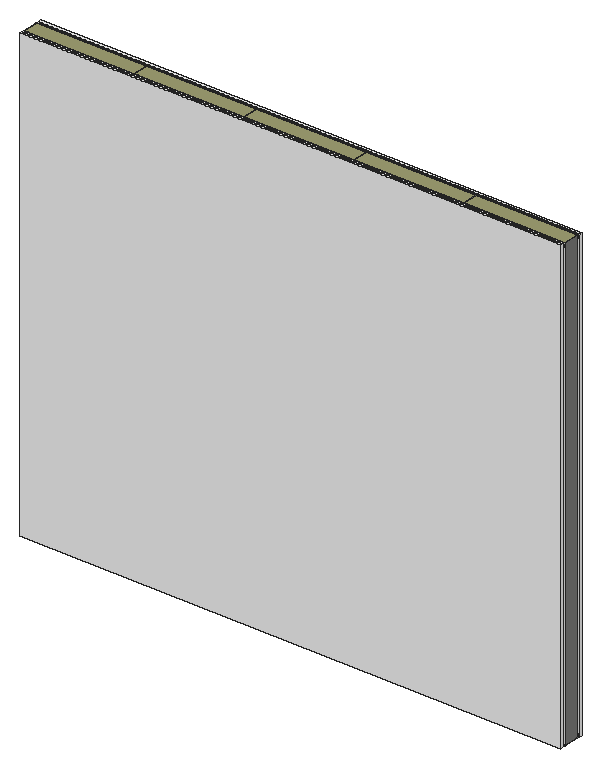
Revit family "NoiseBREAK (R2.7)", category Structural Stiffeners, Revit 2020
Family settings
  OmniClass Number = 23.25.30.11.27
  OmniClass Title = Vibration and Earthquake Controls
  Cut with Voids When Loaded = No
  Shared = No
Parameters (values of type "R2.7 - NoiseBREAK")
  URL = "www.ecowool.com.my"
  U-Value W/m2k = 0 mm
  U Value Report = ""
  Typical weight of ECOWOOL-Kg/M2 = 0 mm
  Type of Insulation = "Glass Mineral Wool Blanket with vapour barrier"
  Total System Thickness-mm = 90 mm
  Thermal R Value = 2.7
  Thermal K Value = 0.0327
  SubW [instance] = roundup([built-in parameter 1001306] / 609 mm) * 609 mm  # 3045 mm
  SubL [instance] = if([built-in parameter 1001306] > 1218 mm, No Insulation * 609 mm, if([built-in parameter 1001306] > 609 mm, 609 mm, if([built-in parameter 1001306] > 0 mm, 0 mm, No Insulation * 609 mm))) + 1 mm  # 2437 mm
  Remarks = ""
  No Metal Stud [instance] = ([built-in parameter 1001306] / [Metal Stud Spacer (mm)])  # 5
  No Insulation [instance] = roundup(SubW / 609 mm) - 1  # 4
  Model = "NoiseBREAK"
  Metal Stud Width = [Insulation Thickness (mm)]  # 90 mm
  Metal Stud Spacer (mm) = 609 mm
  Material Specification = ""
  Manufacturer = "PGF Insulation Sdn. Bhd."
  built-in parameter 1001306 [instance] = 3000 mm
  Insulation Length (mm) = 609 mm
  Insulation Thickness (mm) = 90 mm
  Installation and Workmanship- Same for all the system = ""
  Height Wall (mm) = 2500 mm
  Handling and Storage- Same for all system = ""
  Gypsum Thickness (mm) = 12.5 mm
  Finish = NoiseBREAK
  FAQ- Same for all System = ""
  ECOWOOL Product thickness in mm = "90mm x 32kg/m3"
  Description = "Ecowool NoiseBREAK is semi-rigid or rigid slabs of non-combustible, water repellent, glass mineral wool. They are designed to suit internal walls and ceiling of residential, commercial and industrial buildings. Excellent thermal, acoustic and fire safety performance."
  Density = 32.00 kg/m³
  AutoCad Drawing = ""
Reference planes
  plane 1 "Center (Front/Back)": y = -12.5
  plane 2: z = 0
  plane 3 "Left": x = 0
  plane 4 "Right": x = 3000
  plane 5: z = 2500
  plane 6: x = 2437
  plane 7: x = 3046
Forms (mm)
  Extrusion 1, solid, material "NoiseBREAK" <- "Finish"
    sketch origin (0, 0, 0) x (1, 0, 0) y (0, 1, 0)
      loop
        line (2437, 32.5) -> (2437, -57.5) -> (3046, -57.5) -> (3046, 32.5) -> (2437, 32.5)
    from 0 to 2500
  Extrusion 2, void
    sketch origin (0, 0, 0) x (1, 0, 0) y (0, 1, 0)
      loop
        line (2999, 32.5) -> (2999, -57.5) -> (3046, -57.5) -> (3046, 32.5) -> (2999, 32.5)
    from -45.694 to 2779.923
Cuts and joins
  Extrusion 2 cuts Extrusion 1
Lines and regions (mm)
  reference lines
    curve 1: line (0, -12.5, 0) -> (3000, -12.5, 0)
Dimensions and locks
  "built-in parameter 1001306": plane 3 "Left" to plane 4 "Right"
  "Height Wall (mm)": plane 5 to level
  equal spacing: group 1, group 2, group 3, group 4, group 5  (x3)
  "Metal Stud Spacer (mm)": plane 3 "Left" to nested 3
  "SubL": plane 3 "Left" to plane 6
  locked: plane 6 to plane 7 at 609
  equal spacing: Extrusion 1 sketch curve, plane 1 "Center (Front/Back)", Extrusion 1 sketch curve
  "Insulation Thickness (mm)": Extrusion 1 sketch curve to Extrusion 1 sketch curve
  equal spacing: Extrusion 1, plane 1 "Center (Front/Back)", Extrusion 2 sketch curve
  "Insulation Thickness (mm)": Extrusion 2 sketch curve to Extrusion 2 sketch curve
  locked: Extrusion 2 sketch curve to plane 4 "Right" at 1
  plane 4 "Right" to plane 7 = 46 mm
  plane 6 to plane 4 "Right" = 563 mm
  equal spacing: group 6, group 7, group 8, group 9  (x3)
  equal spacing: Extrusion 2 sketch curve, Extrusion 2 sketch curve, nested 1
  aligned and locked: plane 4 "Right" to curve 1
  aligned and locked: plane 1 "Center (Front/Back)" to curve 1
  aligned and locked: plane 3 "Left" to curve 1
  aligned and locked: plane 3 "Left" to nested 1
  aligned and locked: plane 4 "Right" to nested 1
  aligned and locked: plane 5 to nested 2
  aligned and locked: plane 3 "Left" to nested 6
  aligned and locked: nested 8 to plane 4 "Right"
  aligned and locked: plane 1 "Center (Front/Back)" to nested 1
  aligned and locked: plane 1 "Center (Front/Back)" to nested 2
  aligned and locked: plane 1 "Center (Front/Back)" to nested 6
  aligned and locked: nested 8 to plane 1 "Center (Front/Back)"
  aligned and locked: nested 10 to nested 2
  aligned and locked: plane 1 "Center (Front/Back)" to nested 10
  aligned and locked: plane 7 to Extrusion 1 sketch curve
  aligned and locked: Extrusion 1 sketch curve to plane 6
  aligned and locked: plane 5 to Extrusion 1
  aligned and locked: Extrusion 1 to level
Automatic sketch dimensions
  Extrusion 2 sketch curve to plane 7 = 0 mm
Nested families
  nested 1: "Gypsum Plasterboard" at (0, -12.5, 0), type "Gypsum Plasterboard"
    with built-in parameter 1001306 3000 mm, Insulation Width 90 mm
  nested 2: "Metal Stud" at (0, -12.5, 0), type "Metal Stud"
    with Metal Stud Width 90 mm
  nested 3: "Metal Stud" at (609, -12.5, 0), type "Metal Stud"
    with Metal Stud Width 90 mm
  nested 4: "Metal Stud" at (1218, -12.5, 0), type "Metal Stud"
    with Metal Stud Width 90 mm
  nested 5: "Metal Stud" at (1827, -12.5, 0), type "Metal Stud"
    with Metal Stud Width 90 mm
  nested 6: "Metal Runner" at (0, -12.5, 0), type "Metal Runner"
    with Metal Runner Width 90 mm, Length Metal Runner 3000 mm
  nested 7: "Metal Runner" at (0, -12.5, 2500) x (1, 0, 0) z (0, 0, -1), type "Metal Runner"
    with Metal Runner Width 90 mm, Length Metal Runner 3000 mm
  nested 8: "Metal Stud" at (3000, -12.5, 0) x (-1, 0, 0) z (0, 0, 1), type "Metal Stud"
    with Metal Stud Width 90 mm
  nested 9: "Metal Stud" at (2436, -12.5, 0), type "Metal Stud"
    with Metal Stud Width 90 mm
  nested 10: "Insulation Brownie" at (1, -12.5, 0), type "Insulation Brownie"
    with Thickness Insulation 90 mm
  nested 11: "Insulation Brownie" at (610, -12.5, 0), type "Insulation Brownie"
    with Thickness Insulation 90 mm
  nested 12: "Insulation Brownie" at (1219, -12.5, 0), type "Insulation Brownie"
    with Thickness Insulation 90 mm
  nested 13: "Insulation Brownie" at (1828, -12.5, 0), type "Insulation Brownie"
    with Thickness Insulation 90 mm
Definition of nested family "Gypsum Plasterboard"
  Parameters (values of type "Gypsum Plasterboard")
    Manufacturer = "Rockwool"
    built-in parameter 1001306 [instance] = 1200 mm
    Insulation Width = 50 mm
    Height Wall = 2500 mm
    Gypsum Thickness = 12.5 mm
    Description = "Double layers wall system - Rigislab 5020"
  Reference planes
    plane 1 "Center (Front/Back)": y = 0
    plane 2: z = 0
    plane 3 "Left": x = 0
    plane 4 "Right": x = 1200
    plane 5: y = 25
    plane 6: y = -25
    plane 7: z = 2500
  Forms (mm)
    Sweep 1, solid
      path origin (0, 0, 0) x (1, 0, 0) y (0, 1, 0)
        loop
          line (0, 0) -> (1200, 0)
      profile origin (600, 0, 0) x (0, 1, 0) y (0, 0, 1)
        loop
          line (-25, 2500) -> (-37.5, 2500) -> (-37.5, 0) -> (-25, 0) -> (-25, 2500)
    Sweep 2, solid
      path origin (0, -12.5, 0) x (1, 0, 0) y (0, 1, 0)
        loop
          line (0, 0) -> (1200, 0)
      profile origin (600, -12.5, 0) x (0, 1, 0) y (0, 0, 1)
        loop
          line (-25, 2500) -> (-37.5, 2500) -> (-37.5, 0) -> (-25, 0) -> (-25, 2500)
    Sweep 3, solid
      path origin (0, 0, 0) x (1, 0, 0) y (0, -1, 0)
        loop
          line (0, 0) -> (1200, 0)
      profile origin (600, 0, 0) x (0, 1, 0) y (0, 0, 1)
        loop
          line (25, 2500) -> (25, 0) -> (37.5, 0) -> (37.5, 2500) -> (25, 2500)
    Sweep 4, solid
      path origin (0, 12.5, 0) x (1, 0, 0) y (0, -1, 0)
        loop
          line (0, 0) -> (1200, 0)
      profile origin (600, 12.5, 0) x (0, 1, 0) y (0, 0, 1)
        loop
          line (25, 2500) -> (25, 0) -> (37.5, 0) -> (37.5, 2500) -> (25, 2500)
  Lines and regions (mm)
    reference lines
      curve 1: line (0, 0, 0) -> (1200, 0, 0)
  Dimensions and locks
    "built-in parameter 1001306": plane 3 "Left" to plane 4 "Right"
    "Insulation Width": plane 6 to plane 5
    "built-in parameter 1001306": Sweep 1 sketch curve to Sweep 1 sketch curve
    "Gypsum Thickness": Sweep 1 sketch curve to Sweep 1 sketch curve
    "Height Wall": level to plane 7
    "built-in parameter 1001306": Sweep 2 sketch curve to Sweep 2 sketch curve
    "Gypsum Thickness": Sweep 2 sketch curve to Sweep 2 sketch curve
    "built-in parameter 1001306": Sweep 3 sketch curve to Sweep 3 sketch curve
    "Gypsum Thickness": Sweep 3 sketch curve to Sweep 3 sketch curve
    "built-in parameter 1001306": Sweep 4 sketch curve to Sweep 4 sketch curve
    "Gypsum Thickness": Sweep 4 sketch curve to Sweep 4 sketch curve
    equal spacing: plane 6, plane 1 "Center (Front/Back)", plane 5
    aligned and locked: plane 4 "Right" to curve 1
    aligned and locked: plane 1 "Center (Front/Back)" to curve 1
    aligned and locked: plane 3 "Left" to curve 1
    aligned and locked: Sweep 1 sketch curve to plane 6
    aligned and locked: Sweep 1 sketch curve to plane 7
    aligned and locked: Sweep 1 to Sweep 2
    aligned and locked: Sweep 4 to Sweep 3
    aligned and locked: plane 5 to Sweep 3
    aligned and locked: Sweep 4 to Sweep 4
    aligned and locked: plane 7 to Sweep 2 sketch curve
    aligned and locked: Sweep 3 sketch curve to plane 7
    aligned and locked: Sweep 4 sketch curve to plane 7
  Automatic sketch dimensions
    plane 1 "Center (Front/Back)" to Sweep 1 sketch curve = 0 mm
    Sweep 1 sketch curve to plane 3 "Left" = 0 mm
    Sweep 1 sketch curve to level = 0 mm
    Sweep 2 sketch curve to plane 3 "Left" = 0 mm
    plane 1 "Center (Front/Back)" to Sweep 2 sketch curve = 12.5 mm
    Sweep 2 sketch curve to level = 0 mm
    profile plane to Sweep 2 sketch curve = 37.5 mm
    plane 1 "Center (Front/Back)" to Sweep 3 sketch curve = 0 mm
    Sweep 3 sketch curve to plane 3 "Left" = 0 mm
    Sweep 3 sketch curve to level = 0 mm
    Sweep 3 sketch curve to profile plane = 25 mm
    Sweep 4 sketch curve to plane 3 "Left" = 0 mm
    plane 1 "Center (Front/Back)" to Sweep 4 sketch curve = 12.5 mm
    Sweep 4 sketch curve to level = 0 mm
    Sweep 4 sketch curve to profile plane = 25 mm
Definition of nested family "Metal Stud"
  Parameters (values of type "Metal Stud")
    Metal Stud Width = 50 mm
    Height = 2500 mm
  Reference planes
    plane 1 "Center (Front/Back)": y = 0
    plane 2: z = 0
    plane 3 "Center (Left/Right)": x = 0
    plane 4 "Center L/S": y = 25
    plane 5 "Center L/T": y = -25
    plane 6: z = 1
    plane 7: z = 2500
    plane 8: z = 2499
  Forms (mm)
    Extrusion 1, solid
      sketch origin (0, 0, 0) x (1, 0, 0) y (0, 1, 0)
        loop
          line (0, 25) -> (0, -25) -> (20, -25) -> (20, -24) -> (1, -24) -> (1, 24) -> (20, 24) -> (20, 25) -> (0, 25)
      from 1 to 2499
  Dimensions and locks
    Extrusion 1 sketch curve to Extrusion 1 sketch curve = 1 mm  (x3)
    locked: plane 8 to plane 7 at 1
    plane 1 "Center (Front/Back)" to Extrusion 1 = 25 mm
    "Height": plane 7 to level
    "Metal Stud Width": plane 5 "Center L/T" to plane 4 "Center L/S"
    equal spacing: plane 5 "Center L/T", plane 1 "Center (Front/Back)", plane 4 "Center L/S"
    locked: plane 6 to plane 2 at 1
    aligned and locked: plane 4 "Center L/S" to Extrusion 1
    aligned and locked: plane 5 "Center L/T" to Extrusion 1
    aligned and locked: plane 3 "Center (Left/Right)" to Extrusion 1
    aligned and locked: Extrusion 1 to plane 6
    aligned and locked: plane 8 to Extrusion 1
  Automatic sketch dimensions
    Extrusion 1 sketch curve to plane 3 "Center (Left/Right)" = 0 mm
    plane 4 "Center L/S" to Extrusion 1 sketch curve = 0 mm
    plane 5 "Center L/T" to Extrusion 1 sketch curve = 0 mm
    Extrusion 1 sketch curve to Extrusion 1 sketch curve = 19 mm  (x2)
Definition of nested family "Metal Runner"
  Parameters (values of type "Metal Runner")
    Metal Runner Width = 48 mm
    Length Metal Runner = 2460 mm
    Default Elevation = 1219.2 mm
  Reference planes
    plane 1 "Center (Front/Back)": y = 0
    plane 2: z = 0
    plane 3 "Center (Left/Right)": x = 0
    plane 4 "Center L/S": y = 24
    plane 5 "Center L/T": y = -24
  Forms (mm)
    Extrusion 1, solid
      sketch origin (0, 0, 0) x (0, 1, 0) y (0, 0, 1)
        loop
          line (24, 0) -> (24, 20) -> (23, 20) -> (23, 1) -> (-23, 1) -> (-23, 20) -> (-24, 20) -> (-24, 0) -> (24, 0)
      from 0 to 2460
  Dimensions and locks
    "Metal Runner Width": plane 5 "Center L/T" to plane 4 "Center L/S"
    equal spacing: plane 5 "Center L/T", plane 1 "Center (Front/Back)", plane 4 "Center L/S"
    Extrusion 1 sketch curve to Extrusion 1 sketch curve = 1 mm  (x3)
    "Length Metal Runner": Extrusion 1 to Extrusion 1
    aligned and locked: plane 4 "Center L/S" to Extrusion 1 sketch curve
    aligned and locked: Extrusion 1 sketch curve to level
    aligned and locked: plane 5 "Center L/T" to Extrusion 1 sketch curve
  Automatic sketch dimensions
    Extrusion 1 sketch curve to Extrusion 1 sketch curve = 19 mm  (x2)
Definition of nested family "Insulation Brownie"
  Parameters (values of type "Insulation Brownie")
    Thickness Insulation = 75 mm
    Length of Insulation = 609 mm
    Height of Insulation = 2500 mm
    Finish = none
  Reference planes
    plane 1 "Center (Front/Back)": y = 0
    plane 2: z = 0
    plane 3 "Center (Left/Right)": x = 0
    plane 4: z = 2500
    plane 5: y = 37.5
    plane 6: y = -37.5
  Forms (mm)
    Sweep 1, solid, material <- "Finish"
      path origin (0, 0, 0) x (1, 0, 0) y (0, 1, 0)
        loop
          line (0, 0) -> (609, 0)
      profile origin (304.5, 0, 0) x (0, 1, 0) y (0, 0, 1)
        loop
          line (37.5, 2500) -> (-37.5, 2500) -> (-37.5, 0) -> (37.5, 0) -> (37.5, 2500)
  Dimensions and locks
    "Length of Insulation": Sweep 1 sketch curve to Sweep 1 sketch curve
    "Height of Insulation": plane 4 to level
    equal spacing: plane 5, plane 1 "Center (Front/Back)", plane 6
    "Thickness Insulation": plane 5 to plane 6
    aligned and locked: plane 3 "Center (Left/Right)" to Sweep 1 sketch curve
    aligned and locked: plane 5 to Sweep 1 sketch curve
    aligned and locked: Sweep 1 sketch curve to plane 6
  Automatic sketch dimensions
    plane 1 "Center (Front/Back)" to Sweep 1 sketch curve = 0 mm
    Sweep 1 sketch curve to level = 0 mm
    Sweep 1 sketch curve to plane 4 = 0 mm
